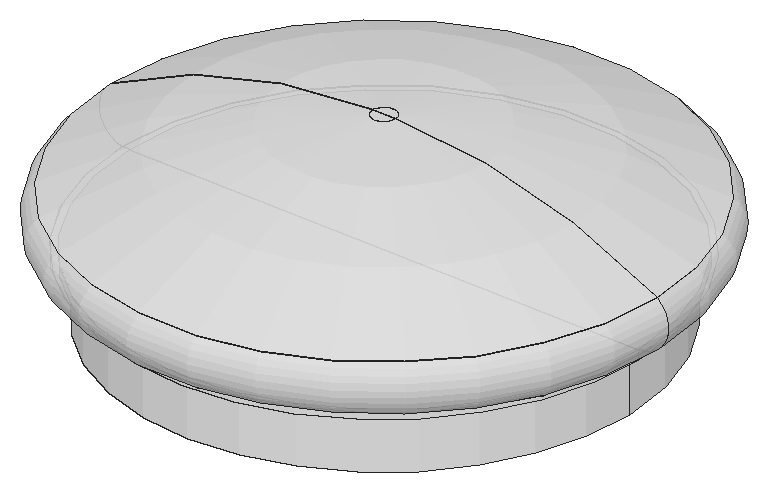
Revit family "0043111 Sylvania Lighting Fixture START ECO SURFACE IP44 1025LM 840", category Lighting Fixtures, host Face, Revit 2016
Family settings
  Host = Face
  Part Type = Normal
  Round Connector Dimension = Use Diameter
  OmniClass Number = 23.80.70.11.17
  OmniClass Title = Specialized Lighting by Location or Use
  Cut with Voids When Loaded = No
  Light Source = Yes
  Shared = No
  Room Calculation Point = No
Parameters (values of type "0043111 START ECO SURFACE IP44 1025LM 840")
  Weight = "kg"
  WarrantyStartDate [instance] = "n/a"
  WarrantyGuarantorParts = "n/a"
  WarrantyDurationUnit = "n/a"
  WarrantyDurationParts = "n/a"
  WarrantyDescription = "n/a"
  Voltage = 230 V
  TypeName = "START ECO SURFACE IP44 1025LM 840"
  SerialNumber [instance] = "n/a"
  Radius_FEILO = 125.0 mm
  Wattage = 12 W
  built-in parameter 1150110 = 1 (stored number, unit not read)
  URL = "http://www.sylvania-lighting.com"
  built-in parameter 1114217 = 1 (stored number, unit not read)
  Tilt Angle = -90°
  built-in parameter 1150109 = 1 (stored number, unit not read)
  built-in parameter 1150134 = 12
  built-in parameter 1150113 = 1 (stored number, unit not read)
  PowerFactor = 0.8
  PowerConsumption = "12 W"
  Photometric Web File = "0043111.ies"
  NominalWidth = 0.0 mm
  NominalLength = 250.0 mm
  NominalHeight = 80.0 mm
  Name = "START ECO SURFACE IP44 1025LM 840"
  ModelReference = "START ECO SURFACE IP44 1025LM 840"
  ModelNumber = "0043111"
  Material_4_FEILO = none
  Material_3_FEILO = Polycarbonate_Sylvania_Sylcircle_Opal
  Material_2_FEILO = Metal_Sylvania_Sylcircle_White
  Material_1_FEILO = none
  Material = "aluminium housing, polycarbonate diffuser"
  ManufacturerName = "Feilo Sylvania"
  LuminousEfficacy = "86 lm/W"
  LuminaireType = ""
  LightOutputRatio = "n/a"
  LampsType = Lamp  # "LED"
  LampNominalLuminous = "1030 lm"
  LampMacAdamStep = "6"
  LampColourTemperature = "4000 K"
  LampColourRenderingIndex = "80"
  Keynote = "16500"
  InstallationDate [instance] = "n/a"
  InputVoltage = "220-240V~"
  InputNominalFrequency = "50 Hz"
  IngressProtection = "IP44"
  ImpactProtectionIndex = "IK03"
  IfcExportType = "IfcLightFixtureType"
  IfcExportAs = "IfcLightFixtureType"
  Height_FEILO = 80.0 mm
  ExpectedLife = 50000
  ElectricShockClassification = "Class I"
  DurationUnit = "hours"
  DocumentationLiterature = "http://www.sylvania-lighting.com/product/en-int/products/0043111"
  DimmingControlOptions = "Non dimmable"
  Diameter_FEILO = 2 * Radius_FEILO  # 250.0 mm
  CreatedOn = "8/8/2018"
  CreatedBy = "@sylvania-lighting.com"
  built-in parameter 1114216 [instance] = 1 (stored number, unit not read)
  Model = "START ECO SURFACE IP44 1025LM 840"
  Manufacturer = "Feilo Sylvania"
  built-in parameter 1150105 = 234.04 (stored number, unit not read)
  Lumens = 1032 lm
  built-in parameter 1150115 = 1 (stored number, unit not read)
  built-in parameter 1150137 = (empty or 0)
  built-in parameter 1150139 = (empty or 0)
  built-in parameter 1150112 = 1 (stored number, unit not read)
  built-in parameter 1150114 = 1 (stored number, unit not read)
  Lamp = "LED"
  built-in parameter 1150132 = 2
  built-in parameter 1150102 = (empty or 0)
  built-in parameter 1150107 = 4000 (stored number, unit not read)
  built-in parameter 1150138 = (empty or 0)
  built-in parameter 1150106 = 2.3404 (stored number, unit not read)
  built-in parameter 1150104 = 7.9897 (stored number, unit not read)
  Dimming Lamp Color Temperature Shift = <None>
  Description = "Ceiling / wall luminaire with integrated LED  Perfect solution for hallways, circulation spaces or foyer.   Even and uniform light distribution with a halo lighting effect on the wall surface    12W 1030 lumens Supplied with LED driver (non-dimmable)    IK03 PMMA diffuser   Low maintenance with 30,000 hours LED life expectancy"
  Default Elevation = 0.0 mm
  Color Filter = 16777215
  built-in parameter 1140040 [instance] = 1
  BarCode [instance] = "n/a"
  built-in parameter 1114218 = 1 (stored number, unit not read)
  built-in parameter 1150133 = 10 (stored number, unit not read)
  AssetType = "Fixed"
  AssetIdentifier [instance] = "n/a"
  Assembly Code = "D5020200"
  Apparent Load = 12 VA
Reference planes
  plane 1 "Center (Front/Back)": y = 0
  plane 2: z = 0
  plane 3 "Center (Left/Right)": x = 0
  plane 4: x = 125
  plane 5: z = 23
  plane 6 "Housing Bottom": z = 27
  plane 7: z = 50
  plane 8 "Fixture Bottom": z = 80
  plane 9: x = 120
  plane 10: x = 115
  plane 11: x = 112
  plane 12: x = 108
Forms (mm)
  Revolve 1, solid, material "Polycarbonate_Sylvania_Sylcircle_Opal" <- "Material_3_FEILO", detail levels fine
    sketch origin (0, 0, 0) x (1, 0, 0) y (0, 0, 1)
      loop
        line (0, 80) -> (0, 27) -> (114.962, 27)
        arc (114.962, 27) -> (124.736, 36.911) -> (120, 50) r 13.044
        arc (120, 50) -> (64.424, 72.377) -> (5, 80) r 235.417
        line (5, 80) -> (0, 80)
      axis (0, 80) -> (0, 27)
    angle from 0 to 360
  Revolve 2, solid, material "Metal_Sylvania_Sylcircle_White" <- "Material_2_FEILO", detail levels fine
    sketch origin (0, 0, 0) x (1, 0, 0) y (0, 0, 1)
      loop
        line (112, 27) -> (0, 27) -> (0, 0) -> (108, 0) -> (108, 23) -> (112, 23) -> (112, 27)
      axis (0, 27) -> (0, 0)
    angle from 0 to 360
  Revolve 3, solid, material "Metal_Sylvania_Sylcircle_White" <- "Material_2_FEILO", detail levels coarse+medium
    sketch origin (0, 0, 0) x (1, 0, 0) y (0, 0, 1)
      loop
        line (0, 80) -> (0, 0) -> (108, 0) -> (108, 23) -> (112, 23) -> (112, 27) -> (114.962, 27)
        arc (114.962, 27) -> (124.736, 36.911) -> (120, 50) r 13.044
        arc (120, 50) -> (64.424, 72.377) -> (5, 80) r 235.417
        line (5, 80) -> (0, 80)
      axis (0, 80) -> (0, 0)
    angle from 0 to 360
Dimensions and locks
  "Height_FEILO": plane 8 "Fixture Bottom" to plane 2
  "Radius_FEILO": plane 4 to plane 3 "Center (Left/Right)"
  plane 6 "Housing Bottom" to plane 5 to plane 2 = 4.0 mm locked, 23.0 mm locked
  plane 4 to plane 9 to plane 10 to plane 11 to plane 12 = 5.0 mm locked, 5.0 mm locked, 3.0 mm locked, 4.0 mm locked
  aligned and locked: plane 2 to host face
  aligned and locked: level to host face
  aligned and locked: plane 1 "Center (Front/Back)" to imposter light
  aligned and locked: plane 3 "Center (Left/Right)" to imposter light
  aligned and locked: Revolve 1 sketch curve to plane 3 "Center (Left/Right)"
  aligned and locked: plane 6 "Housing Bottom" to Revolve 1 sketch curve  (x2)
  aligned and locked: Revolve 1 sketch curve to plane 8 "Fixture Bottom"
  aligned and locked: plane 9 to Revolve 1 sketch curve
  aligned and locked: Revolve 2 sketch curve to plane 6 "Housing Bottom"
  aligned and locked: Revolve 2 sketch curve to plane 11
  aligned and locked: Revolve 2 sketch curve to plane 5
  aligned and locked: Revolve 2 sketch curve to plane 12
  aligned and locked: Revolve 2 sketch curve to plane 2
  aligned and locked: Revolve 2 sketch curve to plane 3 "Center (Left/Right)"  (x2)
  aligned and locked: plane 8 "Fixture Bottom" to imposter light
  aligned and locked: plane 9 to Revolve 3 sketch curve
  aligned and locked: plane 6 "Housing Bottom" to Revolve 3 sketch curve
  aligned and locked: plane 7 to Revolve 3 sketch curve
  aligned and locked: Revolve 3 sketch curve to imposter light
  aligned and locked: Revolve 3 sketch curve to plane 11
  aligned and locked: Revolve 3 sketch curve to plane 2
  aligned and locked: Revolve 3 sketch curve to plane 5
  aligned and locked: Revolve 3 sketch curve to plane 12
Automatic sketch dimensions
  host sketch curve to host sketch curve = 1305.563 mm
  host sketch curve to host sketch curve = 1283.632 mm
  Revolve 1 sketch curve to plane 3 "Center (Left/Right)" = 0.0 mm
  Revolve 1 sketch curve to plane 7 = 0.0 mm
  Revolve 1 sketch curve to plane 10 = 0.038 mm
  plane 3 "Center (Left/Right)" to Revolve 1 sketch curve = 5.0 mm
  Revolve 1 sketch curve to plane 10 = 3.007 mm
  Revolve 1 sketch curve to Revolve 1 sketch curve = 234.06 mm
  Revolve 1 sketch curve to Revolve 1 sketch curve = 2559.943 mm
  Revolve 2 sketch curve to level = 372.274 mm
  plane 8 "Fixture Bottom" to Revolve 2 sketch curve = 2559.943 mm
  Revolve 3 sketch curve to plane 3 "Center (Left/Right)" = 0.0 mm  (x2)
  plane 3 "Center (Left/Right)" to Revolve 3 sketch curve = 5.0 mm
  Revolve 3 sketch curve to plane 10 = 0.038 mm
  Revolve 3 sketch curve to plane 11 = 0.007 mm
  Revolve 3 sketch curve to Revolve 3 sketch curve = 234.06 mm
  Revolve 3 sketch curve to Revolve 3 sketch curve = 2559.943 mm
Connectors
  electrical at (0, 0, 0), driven by "Apparent Load", driven by "Voltage", driven by "PowerFactor"
    settings: on Revolve 2, index 1, voltage 230 V, apparent load 0 VA, apparent load phase1 12 VA, apparent load phase2 0 VA, apparent load phase3 0 VA, power factor 0.8, load classification "Lighting", number of poles 1, system type 31, power factor state 1, is connector primary yes, connector utility no, sub classification motor no, connector description ""
